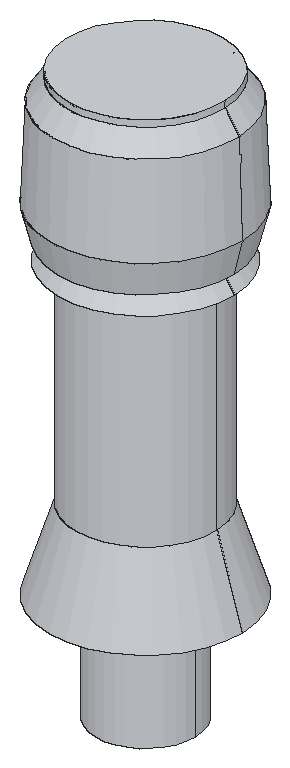
Revit family "210_Huippuimuri ECo 220P_160__", category Mechanical Equipment, Revit 2020
Family settings
  Round Connector Dimension = Use Diameter
  Part Type = Normal
  Work Plane-Based = No
  Always vertical = Yes
  Cut with Voids When Loaded = No
  Shared = No
  Room Calculation Point = No
Parameters (values of type "VILPE ECo 220P Ø160/700 ROOF FAN")
  magiProductId = "Huippuimuri ECo 220P/160/700"
  magiProductFamilyId = "Huippuimuri ECo 220P/160/*"
  magiPartTypeId = 210
  ang2D [instance] = 0.00°
  W = 500 mm
  VersionID = "2.0/2019.5.21.1/VILPE_ECO-P_001"
  URL = "http://www.vilpe.com/"
  R7 = 125.55 mm
  R6 = 148.8 mm
  R5 = 141.05 mm
  R4 = 119.35 mm
  R3 = 141.05 mm
  R22 = 107.5 mm
  R2 = 112.5 mm
  R1 = 155 mm
  R = 80 mm
  QmdConnectorList = "201;D"
  Productdata [instance] = "© MagiCAD Group, all rights reserved"
  PValue [instance] = 100.0 Pa
  Manufacturer = "Vilpe"
  MC Ventilation Flow [instance] = 0.0 L/s
  MC Product Code = "VILPE ECo 220P Ø160/700 ROOF FAN"
  MC Piping Flow [instance] = 0.0 L/s
  MC Cooling Flow [instance] = 0.0 L/s
  HT = 273 mm
  HP = 174 mm
  HK = 764 mm
  H7 = 32.76 mm
  H6 = 144.69 mm
  H5 = 51.87 mm
  H3 = 30.03 mm
  H2 = 343.8 mm
  H11 = 129.88 mm
  H1 = 260 mm
  H = 700 mm
  E2 = 144.65 mm
  E1 = 142.6 mm
  Description = "ECo roof fan"
  Default Elevation = 0 mm
  D2 = 229.4 mm
  D1 = 310 mm
  D = 160 mm
  CAT0 = yes
  CAT = 0
Reference planes
  plane 1 "Center (Front/Back)": y = 0
  plane 2 "XYPLANE": z = 0
  plane 3 "Center (Left/Right)": x = 0
  plane 4 "125": z = 907.03
  plane 5 "124": z = 874.27
  plane 6 "123": z = 729.58
  plane 7 "122": z = 677.71
  plane 8 "121": z = 647.68
  plane 9 "120": y = 0
  plane 10 "119": x = 0
  plane 11 "118": z = 0
  plane 12 "117": z = 174
  plane 13 "116": z = 303.88
Forms (mm)
  Extrusion 1, solid, visible <- "CAT0"
    sketch origin (-750, 0, 0) x (1, 0, 0) y (0, 1, 0)
      loop
        circle (750, 0) r 80
    from 0 to 174 <- "HP"
  Extrusion 2, solid
    sketch origin (-750, 0, 303.88) x (1, 0, 0) y (0, 1, 0)
      loop
        circle (750, 0) r 112.5
    from 0 to 343.8 <- "H2"
  Blend 3, solid, visible <- "CAT0"
    base sketch origin (-750, 0, 647.68) x (1, 0, 0) y (0, 1, 0)
      loop
        circle (750, 0) r 141.05
    top sketch origin (-750, 0, 647.68) x (1, 0, 0) y (0, 1, 0)
      loop
        circle (750, 0) r 119.35
    from 0 to 30.03
  Extrusion 4, solid, visible <- "CAT0"
    sketch origin (-750, 0, 907.03) x (1, 0, 0) y (0, 1, 0)
      loop
        circle (750, 0) r 125.55
    from 0 to 10
  Blend 5, solid, visible <- "CAT0"
    base sketch origin (-750, 0, 677.71) x (1, 0, 0) y (0, 1, 0)
      loop
        circle (750, 0) r 141.05
    top sketch origin (-750, 0, 677.71) x (1, 0, 0) y (0, 1, 0)
      loop
        circle (750, 0) r 155
    from 0 to 51.87
  Blend 6, solid, visible <- "CAT0"
    base sketch origin (-750, 0, 729.58) x (1, 0, 0) y (0, 1, 0)
      loop
        circle (750, 0) r 155
    top sketch origin (-750, 0, 729.58) x (1, 0, 0) y (0, 1, 0)
      loop
        circle (750, 0) r 148.8
    from 0 to 144.69
  Blend 7, solid, visible <- "CAT0"
    base sketch origin (-750, 0, 874.27) x (1, 0, 0) y (0, 1, 0)
      loop
        circle (750, 0) r 148.8
    top sketch origin (-750, 0, 874.27) x (1, 0, 0) y (0, 1, 0)
      loop
        circle (750, 0) r 125.55
    from 0 to 32.76
  Blend 8, solid, visible <- "CAT0"
    base sketch origin (-750, 0, 303.88) x (1, 0, 0) y (0, 1, 0)
      loop
        circle (750, 0) r 112.5
    top sketch origin (-750, 0, 303.88) x (1, 0, 0) y (0, 1, 0)
      loop
        circle (750, 0) r 155
    from 0 to -129.88
  Extrusion 9, solid, not visible
    sketch origin (-750, 0, 0) x (1, 0, 0) y (0, 1, 0)
      loop
        circle (750, 0) r 10
    from 0 to 10
Lines and regions (mm)
  reference lines, not visible
    curve 1: circle (2, 2, 0) r 1 normal (0, 0, 1)
Dimensions and locks
  plane 1 "Center (Front/Back)" to curve 1 = 2 mm
  "H7": plane 5 "124" to plane 4 "125"
  "H6": plane 6 "123" to plane 5 "124"
  "H5": plane 7 "122" to plane 6 "123"
  "H3": plane 8 "121" to plane 7 "122"
  "H2": plane 13 "116" to plane 8 "121"
  locked: plane 1 "Center (Front/Back)" to plane 9 "120"
  locked: plane 3 "Center (Left/Right)" to plane 10 "119"
  locked: plane 2 "XYPLANE" to plane 11 "118"
  "HP": plane 2 "XYPLANE" to plane 12 "117"
  "H11": plane 12 "117" to plane 13 "116"
  "R": radius of Extrusion 1 sketch curve
  "R2": radius of Extrusion 2 sketch curve
  "R4": radius of Blend 3 sketch curve
  "R3": radius of Blend 3 sketch curve
  "R7": radius of Extrusion 4 sketch curve
  "R1": radius of Blend 5 sketch curve
  "R3": radius of Blend 5 sketch curve
  "R6": radius of Blend 6 sketch curve
  "R1": radius of Blend 6 sketch curve
  "R7": radius of Blend 7 sketch curve
  "R6": radius of Blend 7 sketch curve
  "R1": radius of Blend 8 sketch curve
  "R2": radius of Blend 8 sketch curve
  aligned and locked: level to plane 2 "XYPLANE"
  aligned and locked: plane 9 "120" to Extrusion 1 sketch curve
  aligned and locked: plane 10 "119" to Extrusion 1 sketch curve
  aligned and locked: plane 9 "120" to Extrusion 2 sketch curve
  aligned and locked: plane 10 "119" to Extrusion 2 sketch curve
  aligned and locked: plane 9 "120" to Blend 3 sketch curve  (x2)
  aligned and locked: plane 10 "119" to Blend 3 sketch curve  (x2)
  aligned and locked: plane 7 "122" to Blend 3
  aligned and locked: plane 9 "120" to Extrusion 4 sketch curve
  aligned and locked: plane 10 "119" to Extrusion 4 sketch curve
  aligned and locked: plane 9 "120" to Blend 5 sketch curve  (x2)
  aligned and locked: plane 10 "119" to Blend 5 sketch curve  (x2)
  aligned and locked: plane 6 "123" to Blend 5
  aligned and locked: plane 9 "120" to Blend 6 sketch curve  (x2)
  aligned and locked: plane 10 "119" to Blend 6 sketch curve  (x2)
  aligned and locked: plane 5 "124" to Blend 6
  aligned and locked: plane 9 "120" to Blend 7 sketch curve  (x2)
  aligned and locked: plane 10 "119" to Blend 7 sketch curve  (x2)
  aligned and locked: plane 4 "125" to Blend 7
  aligned and locked: plane 9 "120" to Blend 8 sketch curve  (x2)
  aligned and locked: plane 10 "119" to Blend 8 sketch curve  (x2)
  aligned and locked: Blend 8 to plane 12 "117"
  aligned and locked: plane 9 "120" to Extrusion 9 sketch curve
  aligned and locked: plane 10 "119" to Extrusion 9 sketch curve
Automatic sketch dimensions
  plane 1 "Center (Front/Back)" to Extrusion 9 sketch curve = 10 mm
  plane 3 "Center (Left/Right)" to curve 1 = 2 mm
  radius of curve 1 = 1 mm
Connectors
  hvac at (0, 0, 0), driven by "MC Ventilation Flow", driven by "D"
    settings: on Extrusion 9, index 1, duct flow 0.0 L/s, flow factor 0, pres drop 0.0 Pa, loss coef 0, conn angle 0.00°, conn width 304.8 mm, conn height 304.8 mm, conn diameter 160 mm, duct sys type 2, conn prof type 0, flow config 0, flow direction 1, loss method 0, conn ref index -1, conn util no, is conn primary yes, conn desc ""
